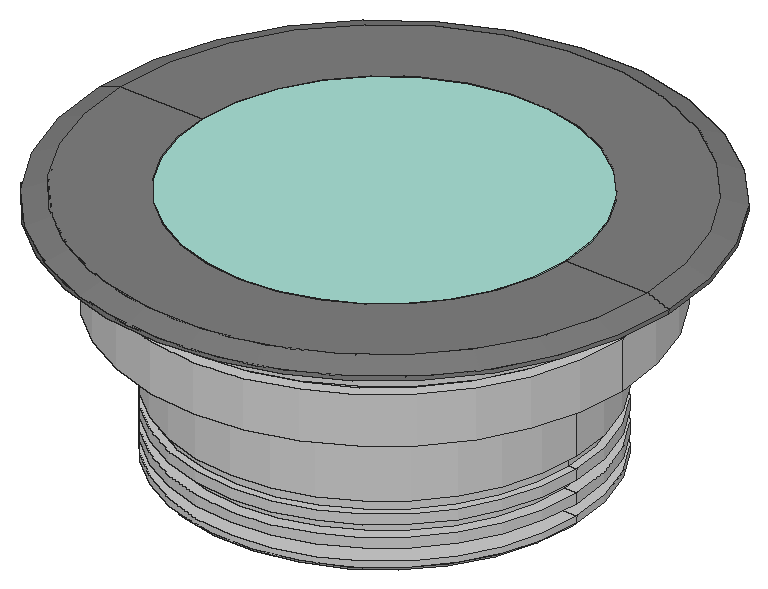
Revit family "Bright 5.F", category Lighting Fixtures, host Face, Revit 2017 (continued)
Types (16, lengths in mm): name | Wattage | Power | Photometric Web File | Optics | built-in parameter 1150142 | built-in parameter 1150105 | Lumens | built-in parameter 1150106 | Apparent Load Phase 1
    .00 0.00 0.00 0.00 0.00 0.00 0.00 \r\n0.00 0.00 0.00 0.00 0.00 0.00 0.00 0.00 0.00 0.00 0.00 \r\n0.00 0.00 0.00 0.00 0.00 0.00 0.00 0.00 0.00 0.00 0.00 \r\n0.00 0.00 0.00 0.00 0.00 0.00 0.00 0.00 0.00 0.00 0.00 \r\n0.00 0.00 0.00 0.00 0.00 0.00 0.00 \r\n2995.00 2965.32 2897.41 2795.57 2648.44 2492.95 2322.95 \r\n2144.98 1961.90 1788.15 1620.59 1471.67 1307.87 1175.79 \r\n1054.30 937.21 834.89 740.21 654.40 583.90 515.31 459.21 \r\n410.44 366.82 330.37 297.41 270.90 246.94 225.32 205.44 \r\n189.08 172.89 158.50 146.02 132.81 121.63 111.08 101.42 \r\n93.29 85.07 78.43 71.96 65.83 60.58 55.61 51.22 47.09 \r\n43.06 39.63 36.39 33.37 30.70 28.36 26.05 24.10 22.17 \r\n20.55 18.96 17.59 16.24 14.96 13.79 12.72 11.66 10.71 \r\n9.82 8.92 8.11 7.32 6.59 5.90 5.27 4.63 4.09 3.56 3.06 \r\n2.63 2.20 1.83 1.48 1.18 0.90 0.67 0.48 0.32 0.21 0.13 \r\n0.08 0.05 0.02 0.00 0.00 0.00 0.00 0.00 0.00 0.00 0.00 \r\n0.00 0.00 0.00 0.00 0.00 0.00 0.00 0.00 0.00 0.00 0.00 \r\n0.00 0.00 0.00 0.00 0.00 0.00 0.00 0.00 0.00 0.00 0.00 \r\n0.00 0.00 0.00 0.00 0.00 0.00 0.00 0.00 0.00 0.00 0.00 \r\n0.00 0.00 0.00 0.00 0.00 0.00 0.00 0.00 0.00 0.00 0.00 \r\n0.00 0.00 0.00 0.00 0.00 0.00 0.00 0.00 0.00 0.00 0.00 \r\n0.00 0.00 0.00 0.00 0.00 0.00 0.00 0.00 0.00 0.00 0.00 \r\n0.00 0.00 0.00 0.00 0.00 0.00 0.00 0.00 0.00 0.00 0.00 \r\n0.00 0.00 0.00 0.00 0.00 0.00 \r\n2995.00 2965.58 2882.29 2764.19 2596.13 2419.95 2206.21 \r\n2007.87 1794.96 1601.90 1411.29 1239.94 1071.46 940.62 \r\n811.81 702.62 609.67 525.86 458.41 397.02 348.74 305.53 \r\n273.32 243.51 220.29 199.20 182.55 167.81 154.83 143.36 \r\n133.18 123.80 115.11 107.05 99.07 92.31 85.42 79.31 73.42 \r\n68.20 63.04 58.39 53.76 49.73 45.94 42.32 39.08 36.10 \r\n33.48 30.82 28.52 26.38 24.45 22.56 21.04 19.53 18.16 \r\n16.84 15.62 14.45 13.38 12.38 11.40 10.53 9.66 8.86 8.06 \r\n7.37 6.65 6.02 5.37 4.82 4.26 3.74 3.27 2.82 2.43 2.03 \r\n1.70 1.37 1.09 0.85 0.63 0.44 0.30 0.19 0.12 0.08 0.05 \r\n0.02 0.00 0.00 0.00 0.00 0.00 0.00 0.00 0.00 0.00 0.00 \r\n0.00 0.00 0.00 0.00 0.00 0.00 0.00 0.00 0.00 0.00 0.00 \r\n0.00 0.00 0.00 0.00 0.00 0.00 0.00 0.00 0.00 0.00 0.00 \r\n0.00 0.00 0.00 0.00 0.00 0.00 0.00 0.00 0.00 0.00 0.00 \r\n0.00 0.00 0.00 0.00 0.00 0.00 0.00 0.00 0.00 0.00 0.00 \r\n0.00 0.00 0.00 0.00 0.00 0.00 0.00 0.00 0.00 0.00 0.00 \r\n0.00 0.00 0.00 0.00 0.00 0.00 0.00 0.00 0.00 0.00 0.00 \r\n0.00 0.00 0.00 0.00 0.00 0.00 0.00 0.00 0.00 0.00 0.00 \r\n0.00 0.00 0.00 0.00 \r\n2995.00 2959.17 2866.65 2723.95 2536.88 2327.40 2097.70 \r\n1869.09 1629.47 1420.50 1218.11 1034.03 875.90 740.07 \r\n621.85 527.29 447.10 379.63 327.44 282.93 249.72 220.57 \r\n197.56 179.02 163.72 149.40 138.39 128.33 119.45 111.21 \r\n103.61 97.17 90.47 84.46 78.53 73.21 68.22 63.46 58.86 \r\n54.71 50.84 47.16 43.56 40.49 37.58 34.79 32.31 30.07 \r\n28.01 26.07 24.34 22.63 21.15 19.62 18.36 17.12 15.99 \r\n14.89 13.86 12.86 11.95 11.01 10.22 9.44 8.65 7.96 7.27 \r\n6.64 6.05 5.46 4.89 4.37 3.87 3.43 2.99 2.61 2.23 1.87 \r\n1.56 1.26 1.01 0.77 0.58 0.41 0.28 0.18 0.12 0.08 0.05 \r\n0.02 0.00 0.00 0.00 0.00 0.00 0.00 0.00 0.00 0.00 0.00 \r\n0.00 0.00 0.00 0.00 0.00 0.00 0.00 0.00 0.00 0.00 0.00 \r\n0.00 0.00 0.00 0.00 0.00 0.00 0.00 0.00 0.00 0.00 0.00 \r\n0.00 0.00 0.00 0.00 0.00 0.00 0.00 0.00 0.00 0.00 0.00 \r\n0.00 0.00 0.00 0.00 0.00 0.00 0.00 0.00 0.00 0.00 0.00 \r\n0.00 0.00 0.00 0.00 0.00 0.00 0.00 0.00 0.00 0.00 0.00 \r\n0.00 0.00 0.00 0.00 0.00 0.00 0.00 0.00 0.00 0.00 0.00 \r\n0.00 0.00 0.00 0.00 0.00 0.00 0.00 0.00 0.00 0.00 0.00 \r\n0.00 0.00 0.00 0.00 \r\n2995.00 2949.40 2845.86 2686.60 2469.40 2234.05 1978.12 \r\n1724.91 1481.56 1247.31 1044.36 874.70 701.14 586.00 \r\n487.31 403.57 340.09 288.61 247.59 218.07 193.33 172.88 \r\n157.06 143.18 131.61 121.31 112.31 104.77 97.16 90.47 \r\n84.59 78.42 73.23 68.33 63.46 59.15 54.90 51.07 47.44 \r\n44.12 41.32 38.43 35.78 33.44 31.14 29.17 27.32 25.55 \r\n23.94 22.43 21.00 19.67 18.44 17.24 16.16 15.09 14.11 \r\n13.19 12.29 11.46 10.64 9.87 9.14 8.44 7.76 7.15 6.55 \r\n5.99 5.45 4.93 4.43 3.99 3.55 3.14 2.75 2.38 2.05 1.73 \r\n1.44 1.16 0.93 0.71 0.54 0.38 0.26 0.18 0.11 0.07 0.05 \r\n0.02 0.00 0.00 0.00 0.00 0.00 0.00 0.00 0.00 0.00 0.00 \r\n0.00 0.00 0.00 0.00 0.00 0.00 0.00 0.00 0.00 0.00 0.00 \r\n0.00 0.00 0.00 0.00 0.00 0.00 0.00 0.00 0.00 0.00 0.00 \r\n0.00 0.00 0.00 0.00 0.00 0.00 0.00 0.00 0.00 0.00 0.00 \r\n0.00 0.00 0.00 0.00 0.00 0.00 0.00 0.00 0.00 0.00 0.00 \r\n0.00 0.00 0.00 0.00 0.00 0.00 0.00 0.00 0.00 0.00 0.00 \r\n0.00 0.00 0.00 0.00 0.00 0.00 0.00 0.00 0.00 0.00 0.00 \r\n0.00 0.00 0.00 0.00 0.00 0.00 0.00 0.00 0.00 0.00 0.00 \r\n0.00 0.00 0.00 0.00 \r\n2995.00 2949.50 2826.43 2644.08 2410.85 2150.34 1863.22 \r\n1597.22 1325.66 1103.23 899.81 720.97 584.04 468.39 \r\n385.14 320.39 270.31 229.97 201.44 177.68 159.47 144.03 \r\n131.30 120.31 111.03 101.77 94.43 87.44 80.96 74.92 69.39 \r\n64.58 59.74 55.61 51.61 48.10 44.69 41.67 38.95 36.48 \r\n34.13 32.04 30.04 28.21 26.52 24.95 23.40 22.05 20.71 \r\n19.45 18.32 17.18 16.15 15.15 14.21 13.32 12.49 11.65 \r\n10.92 10.16 9.48 8.76 8.14 7.56 6.94 6.41 5.89 5.39 4.92 \r\n4.45 4.01 3.61 3.21 2.85 2.49 2.18 1.87 1.58 1.31 1.07 \r\n0.84 0.66 0.50 0.36 0.25 0.17 0.11 0.07 0.05 0.02 0.00 \r\n0.00 0.00 0.00 0.00 0.00 0.00 0.00 0.00 0.00 0.00 0.00 \r\n0.00 0.00 0.00 0.00 0.00 0.00 0.00 0.00 0.00 0.00 0.00 \r\n0.00 0.00 0.00 0.00 0.00 0.00 0.00 0.00 0.00 0.00 0.00 \r\n0.00 0.00 0.00 0.00 0.00 0.00 0.00 0.00 0.00 0.00 0.00 \r\n0.00 0.00 0.00 0.00 0.00 0.00 0.00 0.00 0.00 0.00 0.00 \r\n0.00 0.00 0.00 0.00 0.00 0.00 0.00 0.00 0.00 0.00 0.00 \r\n0.00 0.00 0.00 0.00 0.00 0.00 0.00 0.00 0.00 0.00 0.00 \r\n0.00 0.00 0.00 0.00 0.00 0.00 0.00 0.00 0.00 0.00 0.00 \r\n0.00 0.00 \r\n2995.00 2939.38 2809.22 2604.99 2348.51 2067.10 1766.60 \r\n1480.29 1204.70 974.08 775.96 616.15 481.02 389.34 317.84 \r\n264.76 225.21 194.93 171.26 153.21 137.79 124.90 114.37 \r\n104.73 96.10 87.89 81.09 74.59 68.74 63.29 58.48 53.99 \r\n50.13 46.33 43.14 40.29 37.56 35.17 33.04 31.08 29.20 \r\n27.40 25.83 24.31 22.88 21.57 20.33 19.18 18.06 17.02 \r\n16.03 15.08 14.19 13.34 12.50 11.74 11.02 10.32 9.64 8.99 \r\n8.39 7.78 7.22 6.70 6.18 5.71 5.25 4.82 4.40 4.00 3.60 \r\n3.26 2.89 2.57 2.26 1.97 1.70 1.44 1.20 0.98 0.78 0.61 \r\n0.46 0.33 0.24 0.16 0.10 0.07 0.05 0.02 0.00 0.00 0.00 \r\n0.00 0.00 0.00 0.00 0.00 0.00 0.00 0.00 0.00 0.00 0.00 \r\n0.00 0.00 0.00 0.00 0.00 0.00 0.00 0.00 0.00 0.00 0.00 \r\n0.00 0.00 0.00 0.00 0.00 0.00 0.00 0.00 0.00 0.00 0.00 \r\n0.00 0.00 0.00 0.00 0.00 0.00 0.00 0.00 0.00 0.00 0.00 \r\n0.00 0.00 0.00 0.00 0.00 0.00 0.00 0.00 0.00 0.00 0.00 \r\n0.00 0.00 0.00 0.00 0.00 0.00 0.00 0.00 0.00 0.00 0.00 \r\n0.00 0.00 0.00 0.00 0.00 0.00 0.00 0.00 0.00 0.00 0.00 \r\n0.00 0.00 0.00 0.00 0.00 0.00 0.00 0.00 0.00 0.00 0.00 \r\n2995.00 2935.92 2791.34 2567.29 2288.69 1983.63 1671.96 \r\n1374.81 1099.30 863.28 673.89 526.89 412.86 332.23 269.80 \r\n227.58 195.17 169.96 151.37 135.15 122.50 111.12 101.27 \r\n92.43 84.56 77.05 70.34 64.46 59.14 54.44 49.97 46.36 \r\n42.87 39.93 37.07 34.66 32.42 30.41 28.51 26.83 25.25 \r\n23.77 22.33 21.07 19.87 18.70 17.64 16.62 15.70 14.74 \r\n13.89 13.06 12.30 11.50 10.80 10.15 9.52 8.91 8.32 7.78 \r\n7.23 6.76 6.27 5.82 5.38 4.98 4.56 4.21 3.84 3.49 3.15 \r\n2.85 2.55 2.27 2.00 1.76 1.52 1.29 1.08 0.88 0.71 0.55 \r\n0.42 0.31 0.21 0.14 0.10 0.06 0.05 0.02 0.00 0.00 0.00 \r\n0.00 0.00 0.00 0.00 0.00 0.00 0.00 0.00 0.00 0.00 0.00 \r\n0.00 0.00 0.00 0.00 0.00 0.00 0.00 0.00 0.00 0.00 0.00 \r\n0.00 0.00 0.00 0.00 0.00 0.00 0.00 0.00 0.00 0.00 0.00 \r\n0.00 0.00 0.00 0.00 0.00 0.00 0.00 0.00 0.00 0.00 0.00 \r\n0.00 0.00 0.00 0.00 0.00 0.00 0.00 0.00 0.00 0.00 0.00 \r\n0.00 0.00 0.00 0.00 0.00 0.00 0.00 0.00 0.00 0.00 0.00 \r\n0.00 0.00 0.00 0.00 0.00 0.00 0.00 0.00 0.00 0.00 0.00 \r\n0.00 0.00 0.00 0.00 0.00 0.00 0.00 0.00 0.00 0.00 0.00 \r\n2995.00 2928.48 2768.88 2528.14 2229.97 1923.02 1583.02 \r\n1284.12 1004.94 786.24 595.50 464.99 359.81 291.25 239.88 \r\n203.22 175.50 154.24 137.59 123.28 111.27 100.75 91.97 \r\n82.96 75.87 68.90 62.63 57.23 52.14 47.90 44.27 40.88 \r\n37.98 35.28 32.89 30.84 28.84 27.04 25.31 23.80 22.33 \r\n21.05 19.74 18.65 17.54 16.48 15.53 14.59 13.71 12.88 \r\n12.12 11.34 10.62 9.94 9.33 8.71 8.18 7.65 7.15 6.67 6.20 \r\n5.78 5.37 4.99 4.62 4.28 3.93 3.63 3.32 3.02 2.74 2.47 \r\n2.21 1.97 1.73 1.52 1.31 1.11 0.93 0.76 0.61 0.48 0.36 \r\n0.27 0.19 0.13 0.09 0.06 0.04 0.02 0.00 0.00 0.00 0.00 \r\n0.00 0.00 0.00 0.00 0.00 0.00 0.00 0.00 0.00 0.00 0.00 \r\n0.00 0.00 0.00 0.00 0.00 0.00 0.00 0.00 0.00 0.00 0.00 \r\n0.00 0.00 0.00 0.00 0.00 0.00 0.00 0.00 0.00 0.00 0.00 \r\n0.00 0.00 0.00 0.00 0.00 0.00 0.00 0.00 0.00 0.00 0.00 \r\n0.00 0.00 0.00 0.00 0.00 0.00 0.00 0.00 0.00 0.00 0.00 \r\n0.00 0.00 0.00 0.00 0.00 0.00 0.00 0.00 0.00 0.00 0.00 \r\n0.00 0.00 0.00 0.00 0.00 0.00 0.00 0.00 0.00 0.00 0.00 \r\n0.00 0.00 0.00 0.00 0.00 0.00 0.00 0.00 0.00 0.00 \r\n2995.00 2923.90 2755.66 2501.70 2189.56 1842.18 1516.14 \r\n1197.38 929.49 705.41 542.77 414.54 325.12 260.39 218.15 \r\n184.53 161.10 141.94 126.86 114.05 102.84 92.80 84.02 \r\n76.00 68.76 62.18 56.51 51.63 47.04 43.28 40.00 37.04 \r\n34.35 31.99 29.88 27.93 26.06 24.47 22.91 21.50 20.24 \r\n18.95 17.83 16.75 15.73 14.77 13.90 13.02 12.21 11.44 \r\n10.72 10.03 9.38 8.79 8.21 7.69 7.18 6.69 6.27 5.85 5.45 \r\n5.08 4.72 4.39 4.06 3.77 3.47 3.17 2.91 2.65 2.40 2.15 \r\n1.93 1.70 1.50 1.30 1.13 0.96 0.80 0.65 0.53 0.41 0.32 \r\n0.24 0.17 0.12 0.08 0.06 0.04 0.02 0.00 0.00 0.00 0.00 \r\n0.00 0.00 0.00 0.00 0.00 0.00 0.00 0.00 0.00 0.00 0.00 \r\n0.00 0.00 0.00 0.00 0.00 0.00 0.00 0.00 0.00 0.00 0.00 \r\n0.00 0.00 0.00 0.00 0.00 0.00 0.00 0.00 0.00 0.00 0.00 \r\n0.00 0.00 0.00 0.00 0.00 0.00 0.00 0.00 0.00 0.00 0.00 \r\n0.00 0.00 0.00 0.00 0.00 0.00 0.00 0.00 0.00 0.00 0.00 \r\n0.00 0.00 0.00 0.00 0.00 0.00 0.00 0.00 0.00 0.00 0.00 \r\n0.00 0.00 0.00 0.00 0.00 0.00 0.00 0.00 0.00 0.00 0.00 \r\n0.00 0.00 0.00 0.00 0.00 0.00 0.00 0.00 0.00 0.00 \r\n2995.00 2921.19 2736.00 2481.51 2135.49 1813.71 1454.81 \r\n1144.20 878.97 663.56 498.49 387.84 296.85 241.56 202.04 \r\n172.63 151.67 133.66 119.96 107.46 96.39 86.61 78.41 \r\n70.42 63.86 57.50 52.26 47.76 43.51 40.00 37.08 34.23 \r\n31.76 29.62 27.56 25.91 24.10 22.69 21.24 19.94 18.75 \r\n17.59 16.50 15.51 14.52 13.63 12.82 11.95 11.25 10.51 \r\n9.86 9.20 8.60 8.03 7.52 6.99 6.56 6.13 5.72 5.35 4.98 \r\n4.63 4.32 4.01 3.70 3.42 3.13 2.88 2.61 2.37 2.13 1.91 \r\n1.70 1.50 1.32 1.15 0.99 0.84 0.71 0.58 0.47 0.37 0.29 \r\n0.22 0.16 0.11 0.08 0.06 0.04 0.02 0.00 0.00 0.00 0.00 \r\n0.00 0.00 0.00 0.00 0.00 0.00 0.00 0.00 0.00 0.00 0.00 \r\n0.00 0.00 0.00 0.00 0.00 0.00 0.00 0.00 0.00 0.00 0.00 \r\n0.00 0.00 0.00 0.00 0.00 0.00 0.00 0.00 0.00 0.00 0.00 \r\n0.00 0.00 0.00 0.00 0.00 0.00 0.00 0.00 0.00 0.00 0.00 \r\n0.00 0.00 0.00 0.00 0.00 0.00 0.00 0.00 0.00 0.00 0.00 \r\n0.00 0.00 0.00 0.00 0.00 0.00 0.00 0.00 0.00 0.00 0.00 \r\n0.00 0.00 0.00 0.00 0.00 0.00 0.00 0.00 0.00 0.00 0.00 \r\n0.00 0.00 0.00 0.00 0.00 0.00 0.00 0.00 0.00 0.00 \r\n2995.00 2920.61 2731.87 2451.42 2111.69 1761.51 1411.02 \r\n1102.40 828.62 624.25 469.10 359.21 279.38 227.21 190.86 \r\n164.47 144.00 127.05 114.03 102.14 91.48 82.15 74.24 \r\n66.49 60.04 54.00 49.06 44.76 40.92 37.69 34.87 32.30 \r\n29.96 27.90 25.99 24.32 22.67 21.29 19.92 18.70 17.54 \r\n16.50 15.46 14.52 13.63 12.76 11.97 11.21 10.53 9.86 9.22 \r\n8.62 8.07 7.51 7.03 6.56 6.16 5.76 5.39 5.03 4.68 4.35 \r\n4.04 3.74 3.45 3.17 2.89 2.64 2.39 2.16 1.93 1.73 1.54 \r\n1.36 1.20 1.05 0.91 0.78 0.66 0.55 0.44 0.35 0.28 0.21 \r\n0.16 0.11 0.08 0.06 0.04 0.02 0.00 0.00 0.00 0.00 0.00 \r\n0.00 0.00 0.00 0.00 0.00 0.00 0.00 0.00 0.00 0.00 0.00 \r\n0.00 0.00 0.00 0.00 0.00 0.00 0.00 0.00 0.00 0.00 0.00 \r\n0.00 0.00 0.00 0.00 0.00 0.00 0.00 0.00 0.00 0.00 0.00 \r\n0.00 0.00 0.00 0.00 0.00 0.00 0.00 0.00 0.00 0.00 0.00 \r\n0.00 0.00 0.00 0.00 0.00 0.00 0.00 0.00 0.00 0.00 0.00 \r\n0.00 0.00 0.00 0.00 0.00 0.00 0.00 0.00 0.00 0.00 0.00 \r\n0.00 0.00 0.00 0.00 0.00 0.00 0.00 0.00 0.00 0.00 0.00 \r\n0.00 0.00 0.00 0.00 0.00 0.00 0.00 0.00 0.00 \r\n2995.00 2919.31 2725.75 2446.35 2087.33 1732.61 1370.46 \r\n1061.93 809.69 603.87 449.23 344.73 266.86 218.91 185.12 \r\n158.89 139.58 123.32 110.09 98.80 88.39 79.10 71.28 63.90 \r\n57.62 51.59 47.12 43.00 39.38 36.16 33.42 31.00 28.76 \r\n26.70 24.91 23.28 21.76 20.39 19.11 17.92 16.80 15.77 \r\n14.79 13.87 13.00 12.18 11.41 10.72 10.04 9.40 8.76 8.21 \r\n7.70 7.17 6.71 6.29 5.89 5.51 5.16 4.80 4.48 4.14 3.84 \r\n3.55 3.25 2.98 2.72 2.47 2.23 2.01 1.80 1.62 1.44 1.29 \r\n1.13 1.00 0.87 0.74 0.63 0.53 0.43 0.35 0.28 0.21 0.16 \r\n0.11 0.08 0.06 0.04 0.02 0.00 0.00 0.00 0.00 0.00 0.00 \r\n0.00 0.00 0.00 0.00 0.00 0.00 0.00 0.00 0.00 0.00 0.00 \r\n0.00 0.00 0.00 0.00 0.00 0.00 0.00 0.00 0.00 0.00 0.00 \r\n0.00 0.00 0.00 0.00 0.00 0.00 0.00 0.00 0.00 0.00 0.00 \r\n0.00 0.00 0.00 0.00 0.00 0.00 0.00 0.00 0.00 0.00 0.00 \r\n0.00 0.00 0.00 0.00 0.00 0.00 0.00 0.00 0.00 0.00 0.00 \r\n0.00 0.00 0.00 0.00 0.00 0.00 0.00 0.00 0.00 0.00 0.00 \r\n0.00 0.00 0.00 0.00 0.00 0.00 0.00 0.00 0.00 0.00 0.00 \r\n0.00 0.00 0.00 0.00 0.00 0.00 0.00 0.00 \r\n2995.00 2918.79 2719.05 2435.06 2070.98 1710.56 1347.28 \r\n1049.87 779.27 581.26 434.64 333.91 259.28 212.82 180.78 \r\n155.15 136.05 120.79 107.56 96.10 86.63 77.24 69.37 62.09 \r\n55.75 50.26 45.72 41.68 38.27 35.15 32.49 30.10 27.91 \r\n26.01 24.15 22.60 21.08 19.76 18.50 17.38 16.30 15.26 \r\n14.29 13.41 12.55 11.77 11.07 10.38 9.73 9.08 8.48 7.92 \r\n7.42 6.91 6.49 6.07 5.68 5.32 4.97 4.63 4.32 3.99 3.69 \r\n3.39 3.10 2.85 2.58 2.34 2.11 1.91 1.72 1.55 1.39 1.24 \r\n1.10 0.97 0.85 0.73 0.62 0.53 0.44 0.35 0.28 0.21 0.16 \r\n0.12 0.08 0.06 0.04 0.02 0.00 0.00 0.00 0.00 0.00 0.00 \r\n0.00 0.00 0.00 0.00 0.00 0.00 0.00 0.00 0.00 0.00 0.00 \r\n0.00 0.00 0.00 0.00 0.00 0.00 0.00 0.00 0.00 0.00 0.00 \r\n0.00 0.00 0.00 0.00 0.00 0.00 0.00 0.00 0.00 0.00 0.00 \r\n0.00 0.00 0.00 0.00 0.00 0.00 0.00 0.00 0.00 0.00 0.00 \r\n0.00 0.00 0.00 0.00 0.00 0.00 0.00 0.00 0.00 0.00 0.00 \r\n0.00 0.00 0.00 0.00 0.00 0.00 0.00 0.00 0.00 0.00 0.00 \r\n0.00 0.00 0.00 0.00 0.00 0.00 0.00 0.00 0.00 0.00 0.00 \r\n0.00 0.00 0.00 0.00 0.00 0.00 0.00 0.00 \r\n2995.00 2875.46 2647.96 2336.32 1966.54 1588.84 1258.45 \r\n947.90 702.60 528.51 390.87 307.12 245.25 198.65 171.26 \r\n148.25 131.37 116.58 103.62 92.83 83.18 74.01 66.73 59.56 \r\n53.77 48.68 44.13 40.23 36.98 34.12 31.62 29.31 27.19 \r\n25.37 23.54 22.06 20.61 19.28 18.03 16.94 15.81 14.87 \r\n13.93 13.05 12.21 11.46 10.80 10.06 9.46 8.84 8.24 7.72 \r\n7.22 6.73 6.32 5.88 5.53 5.16 4.83 4.49 4.17 3.84 3.55 \r\n3.26 2.97 2.71 2.45 2.22 2.01 1.82 1.64 1.48 1.32 1.18 \r\n1.04 0.91 0.79 0.69 0.59 0.49 0.40 0.33 0.25 0.19 0.14 \r\n0.10 0.07 0.05 0.03 0.01 0.00 0.00 0.00 0.00 0.00 0.00 \r\n0.00 0.00 0.00 0.00 0.00 0.00 0.00 0.00 0.00 0.00 0.00 \r\n0.00 0.00 0.00 0.00 0.00 0.00 0.00 0.00 0.00 0.00 0.00 \r\n0.00 0.00 0.00 0.00 0.00 0.00 0.00 0.00 0.00 0.00 0.00 \r\n0.00 0.00 0.00 0.00 0.00 0.00 0.00 0.00 0.00 0.00 0.00 \r\n0.00 0.00 0.00 0.00 0.00 0.00 0.00 0.00 0.00 0.00 0.00 \r\n0.00 0.00 0.00 0.00 0.00 0.00 0.00 0.00 0.00 0.00 0.00 \r\n0.00 0.00 0.00 0.00 0.00 0.00 0.00 0.00 0.00 0.00 0.00 \r\n0.00 0.00 0.00 0.00 0.00 0.00 0.00 0.00 \r\n" | 83.238 (stored number, unit not read) | 1046 lm | 0.83238 (stored number, unit not read) | 14 W
